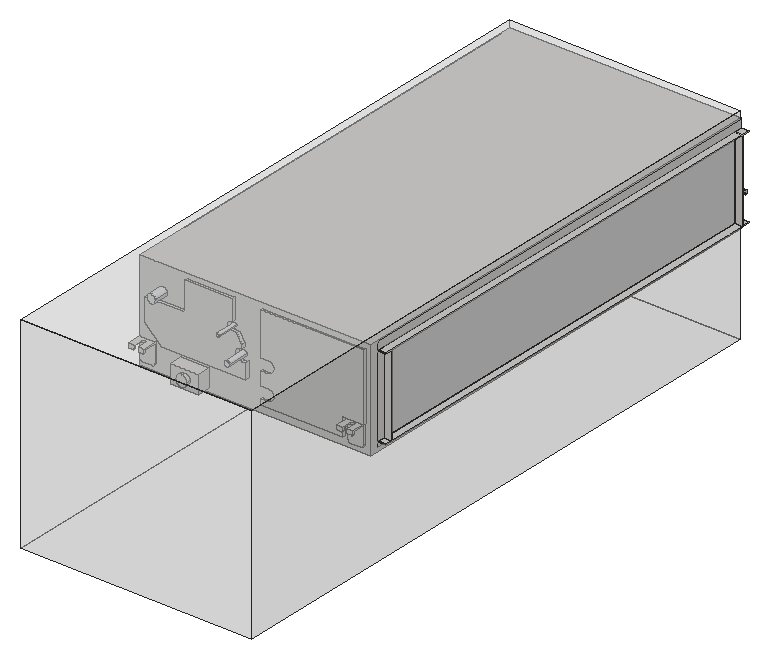
Revit family "outputfile", category 機械設備, Revit 2024
Family settings
  丸型コネクタ寸法 = 半径を使用
  パーツ タイプ = 標準
  OmniClass 番号 = 23.75.10.24.21.27.27
  OmniClass タイトル = Split System Air Conditioning Units
  作業面ベース = いいえ
  常に垂直 = はい
  ロード時にボイドで切り取り = いいえ
  注釈の向きを維持 = いいえ
  共有 = いいえ
  部屋計算ポイント = はい
Parameters (values of type "FXMQ125PAV4")
  Description = ""
  製造元 = "Daikin"
  書き出し IFC クラス(タイプ) = "IfcUnitaryEquipmentType"
  定義済み IFC タイプ(タイプ) = "AIRCONDITIONINGUNIT"
  Cost = 0
  モデル = "FXMQ125PAV4"
  Type Comments = ""
  Keynote = ""
  Type Image = (empty or 0)
  Assembly Code = ""
  r_Liquid Pipe Size = Liquid Pipe Size / 2  # 4.75 mm
  r_Gas Pipe Size = Gas Pipe Size / 2  # 7.95 mm
  r_Drain Pipe Size = Drain Pipe Size / 2  # 12.5 mm
  lw_power = 396.0 mm  # constant formula
  lh_SA = 165.0 mm  # constant formula
  lw_SA = if(Depth = 550.0 mm, 210.0 mm, if(Depth = 700.0 mm, 285.0 mm, if(Depth = 1000.0 mm, 435.0 mm, 635.0 mm)))  # 635.0 mm
  lw_RA = if(Depth = 550.0 mm, 288.0 mm, if(Depth = 700.0 mm, 363.0 mm, if(Depth = 1000.0 mm, 513.0 mm, 713.0 mm)))  # 713.0 mm
  lh_power = 60.0 mm + [h***]  # 60.0 mm
  lh_mountinghole1 = lh_mountinghole + [h***]  # 80.0 mm
  lh_RA = 150.0 mm  # constant formula
  ld_power = Depth / 2  # 700.0 mm
  Voltage_comment_60Hz = "220"
  Voltage_comment_50Hz = "220-240"
  Voltage_60Hz = 220 V
  Voltage_50Hz = 220 V
  URL = ""
  Supply Air Direction [instance] = yes
  Sound Power Level_H speed (dB) = 62
  Phase_60Hz = 1
  Phase_50Hz = 1
  Minimum External Static Pressure = 50.00 Pa
  Minimum Circuit Amps_60Hz = 3.4 A
  Minimum Circuit Amps_50Hz = 3.4 A
  Maximum Fuse Amps_60Hz = 16.0 A
  Maximum Fuse Amps_50Hz = 16.0 A
  Maximum External Static Pressure = 200.00 Pa
  Material_Casing = DAIKIN_GalvanizedSteel_Casing_indoorunit
  lw_mountinghole = 631.0 mm  # constant formula
  lh_gaspipe = 144.0 mm + [h***]  # 144.0 mm
  lh_mountinghole = 80.0 mm  # constant formula
  lh_liquidpipe = 212.0 mm + [h***]  # 212.0 mm
  lh_drainpipe = 232.0 mm + [h***]  # 232.0 mm
  lh_antena = Height - lh_mountinghole + 1.0 mm  # 221.0 mm
  ld_drainpipe = Depth / 2 + 54.0 mm  # 754.0 mm
  ld_liquidpipe = 765.0 mm
  ld_gaspipe = 765.0 mm
  ld_mountinghole = Depth + 38.0 mm  # 1438.0 mm
  h*** = 0.0 mm  # constant formula
  lw_liquidpipe = 290.0 mm  # constant formula
  lw_gaspipe = 318.0 mm  # constant formula
  lw_drainpipe = 80.0 mm  # constant formula
  Width = 700.0 mm
  Version = "ver.1.0"
  Unit Type = "Middle-High Static Pressure Duct Type"
  Unit Mass Weight = 45.00 kg
  Unit Designation [instance] = ""
  Uniclass2015Version = "Products v1.30"
  Uniclass2015Title = "Variable refrigerant flow units"
  Uniclass2015Code = "Pr_70_65_03_94"
  Total Heating Capacity [instance] = 0.000 kW
  Total Cooling Capacity [instance] = 0.000 kW
  Sound Pressure Level_M speed (dBA) = 0
  Sound Pressure Level_L speed (dBA) = 40
  Sound Pressure Level_H speed (dBA) = 44
  Series = "VRV Fan Coil Unit"
  Sensible Cooling Capacity [instance] = 0.000 kW
  SA Duct Size Width = if(Depth = 550.0 mm, 310.0 mm, if(Depth = 700.0 mm, 460.0 mm, if(Depth = 1000.0 mm, 760.0 mm, 1160.0 mm)))  # 1160.0 mm
  SA Duct Size Height = 215.0 mm
  Refrigerant Type = "R410A"
  RA Duct Size Width = if(Depth = 550.0 mm, 475.0 mm, if(Depth = 700.0 mm, 625.0 mm, if(Depth = 1000.0 mm, 925.0 mm, 1325.0 mm)))  # 1325.0 mm
  RA Duct Size Height = 247.0 mm
  Power Input (Heating) = 0.449 kW
  Power Input (Cooling) = 0.461 kW
  Option Accessory 3 [instance] = ""
  Option Accessory 2 [instance] = ""
  Option Accessory 1 [instance] = ""
  Nominal Heating Capacity = 16.000 kW
  Nominal Cooling Capacity = 14.000 kW
  Minimum Airflow = 1680.00 m³/h
  Median Airflow = 1980.00 m³/h
  Maximum Airflow = 2340.00 m³/h
  Load Classification = HVAC
  Liquid Pipe Size = 9.5 mm
  Link_Nested Family [instance] = ""
  IfcVersion = "0"
  IfcExportType = "AIRCONDITIONINGUNIT"
  IfcExportAs = "IfcUnitaryEquipmentType"
  Height = 300.0 mm
  Heating Entering Wet Bulb Temperature [instance] = 0.00 °C
  Heating Entering Dry Bulb Temperature [instance] = 0.00 °C
  Heating Ambient Wet Bulb Temperature [instance] = 0.00 °C
  Heating Ambient Dry Bulb Temperature [instance] = 0.00 °C
  Heat Exchanger Type = "Cross Fin Coil"
  Gas Pipe Size = 15.9 mm
  Frequency_60Hz = 60 Hz
  Frequency_50Hz = 50 Hz
  Fan Type = "Sirocco Fan"
  Fan Drive = "Direct Drive"
  FCU Tag No. [instance] = ""
  Drain Pipe Size = 25.0 mm
  Design Supply Airflow [instance] = 0.00 m³/h
  Design Return Airflow [instance] = 0.00 m³/h
  Design External Static Pressure [instance] = 0.00 Pa
  Depth = 1400.0 mm
  既定の高さ = 0.0 mm
  Cooling Entering Wet Bulb Temperature [instance] = 0.00 °C
  Cooling Entering Dry Bulb Temperature [instance] = 0.00 °C
  Cooling Ambient Wet Bulb Temperature [instance] = 0.00 °C
  Cooling Ambient Dry Bulb Temperature [instance] = 0.00 °C
  Clearance visibility [instance] = yes
  Clearance Top = 20.0 mm
  Clearance Right = 0.0 mm
  Clearance Rear = 0.0 mm
  Clearance Left = 0.0 mm
  Clearance Front = 450.0 mm
  Clearance Bottom = 300.0 mm
Reference planes
  plane 1 "Center (Front/Back)": y = 0
  plane 2 "h": z = 0
  plane 3 "Center (Left/Right)": x = 0
  plane 4 "Back": y = 700
  plane 5 "Front": y = -700
  plane 6 "Left": x = -350
  plane 7 "Reight": x = 350
  plane 8 "Top": z = 0
  plane 9 "Bottom": z = -300
  plane 10: y = -215
  plane 11: y = 700
  plane 12: y = -1150
  plane 13: x = -350
  plane 14: x = 350
  plane 15: z = 20
  plane 16: z = -600
  plane 17: x = -350
  plane 18: z = -135
  plane 19: x = -349
  plane 20: x = 349
  plane 21: y = 65
  plane 22: y = 13
  plane 23: z = -150
  plane 24: y = -710.8
  plane 25: z = -14
  plane 26: z = -219
  plane 27: x = -324
  plane 28: x = -60
  plane 29: x = -20
  plane 30: z = -156
  plane 31: x = -32
  plane 32: z = -88
  plane 33: x = 23
  plane 34: x = 335
  plane 35: z = -15.8
  plane 36: z = -274.8
  plane 37: z = -219.8
  plane 38: x = 271
  plane 39: x = -223.3
  plane 40: x = -138.3
  plane 41: z = -232.7
  plane 42: z = -288.5
  plane 43: y = -741
  plane 44: x = -181
  plane 45: z = -260
  plane 46: y = -751
  plane 47: z = -163.8
  plane 48: z = -239.8
  plane 49: x = 46
  plane 50: z = -88
  plane 51: x = -60
  plane 52: y = -765
  plane 53: z = -156
  plane 54: x = -32
  plane 55: y = -754
  plane 56: z = -68
  plane 57: x = -270
  plane 58: x = -270
  plane 59: x = -60
  plane 60: x = -32
  plane 61: x = 46
  plane 62: x = -323
  plane 63: x = 308
  plane 64: y = -719
  plane 65: y = 719
  plane 66: z = -220
  plane 67: y = -706
  plane 68: x = -204
  plane 69: z = -100.2
  plane 70: x = -374
  plane 71: x = 374
Forms (mm)
  Extrusion 1, solid, material "DAIKIN_GalvanizedSteel_Casing_indoorunit" <- "Material_Casing"
    sketch origin (0, 0, 0) x (1, 0, 0) y (0, 1, 0)
      loop
        line (-349, 700) -> (-349, -700) -> (349, -700) -> (349, 700) -> (-349, 700)
    from -300 to 0
  Extrusion 2, solid, material "DAIKIN_GalvanizedSteel_Casing_indoorunit" <- "Material_Casing"
    sketch origin (0, 0, 0) x (1, 0, 0) y (0, 0, 1)
      loop
        line (-324, -100.2) -> (-324, -168) -> (-273, -219) -> (-20, -219) -> (-20, -173.5) -> (-32, -173.5)
        arc (-32, -173.5) -> (-49.5, -156) -> (-32, -138.5) r 17.5
        line (-32, -138.5) -> (-32, -127.5) -> (-47, -101) -> (-60, -101)
        arc (-60, -101) -> (-73, -88) -> (-60, -75) r 13
        line (-60, -75) -> (-60, -14) -> (-204, -14) -> (-204, -100.2) -> (-324, -100.2)
    from 700 to 710.8
  Extrusion 3, solid, material "DAIKIN_GalvanizedSteel_Casing_indoorunit" <- "Material_Casing"
    sketch origin (0, 0, 0) x (1, 0, 0) y (0, 0, 1)
      loop
        line (23, -274.8) -> (271, -274.8) -> (271, -219.8) -> (335, -219.8) -> (335, -15.8) -> (23, -15.8) -> (23, -146.3) -> (46, -146.3)
        arc (46, -146.3) -> (63.5, -163.8) -> (46, -181.3) r 17.5
        line (46, -181.3) -> (23, -181.3) -> (23, -222.3) -> (46, -222.3)
        arc (46, -222.3) -> (63.5, -239.8) -> (46, -257.3) r 17.5
        line (46, -257.3) -> (23, -257.3) -> (23, -274.8)
    from 700 to 706
  Extrusion 4, solid, material "DAIKIN_GalvanizedSteel_Casing_indoorunit" <- "Material_Casing"
    sketch origin (0, 0, 0) x (1, 0, 0) y (0, 0, 1)
      loop
        line (-223.3, -232.7) -> (-223.3, -288.5) -> (-138.3, -288.5) -> (-138.3, -232.7) -> (-223.3, -232.7)
    from 700 to 741
  Extrusion 5, solid, material "DAIKIN_GalvanizedSteel_Casing_indoorunit" <- "Material_Casing"
    sketch origin (0, 0, 0) x (1, 0, 0) y (0, 0, 1)
      loop
        circle (-181, -260) r 16.5
    from 741 to 751
  Extrusion 6, solid
    sketch origin (0, 0, 0) x (1, 0, 0) y (0, 0, 1)
      loop
        circle (-60, -88) r 4.75
    from 700 to 765
  Extrusion 7, solid
    sketch origin (0, 0, 0) x (1, 0, 0) y (0, 0, 1)
      loop
        circle (-32, -156) r 7.95
    from 700 to 765
  Extrusion 8, solid
    sketch origin (0, 0, 0) x (1, 0, 0) y (0, 0, 1)
      loop
        circle (-270, -68) r 12.5
    from 710.8 to 754
Dimensions and locks
  "Height": plane 8 "Top" to plane 9 "Bottom"
  equal spacing: plane 4 "Back", plane 1 "Center (Front/Back)", plane 5 "Front"
  "Depth": plane 4 "Back" to plane 5 "Front"
  equal spacing: plane 6 "Left", plane 3 "Center (Left/Right)", plane 7 "Reight"
  "Width": plane 6 "Left" to plane 7 "Reight"
  "Clearance Left": plane 13 to plane 6 "Left"
  "Clearance Right": plane 7 "Reight" to plane 14
  "Clearance Rear": plane 11 to plane 4 "Back"
  "Clearance Front": plane 5 "Front" to plane 12
  "Clearance Top": plane 15 to plane 8 "Top"
  "Clearance Bottom": plane 9 "Bottom" to plane 16
  "lh_SA": plane 18 to plane 9 "Bottom"
  locked: plane 17 to plane 19 at 1
  locked: plane 20 to plane 14 at 1
  "lw_SA": plane 11 to plane 21
  "lw_RA": plane 22 to plane 5 "Front"
  "lh_RA": plane 23 to plane 9 "Bottom"
  locked: plane 5 "Front" to plane 24 at 10.8
  plane 29 to plane 28 to plane 27 to plane 6 "Left" = 40.0 mm, 264.0 mm, 26.0 mm
  locked: plane 31 to plane 6 "Left" at 318
  plane 34 to plane 33 to plane 6 "Left" = 312.0 mm locked, 373.0 mm locked
  locked: plane 34 to plane 38 at 64
  locked: plane 37 to plane 36 at 55
  plane 40 to plane 39 to plane 6 "Left" = 85.0 mm locked, 126.7 mm locked
  locked: plane 5 "Front" to plane 43 at 41
  locked: plane 44 to plane 6 "Left" at 169
  locked: plane 43 to plane 46 at 10
  plane 47 to plane 48 to plane 36 = 76.0 mm locked, 35.0 mm locked
  locked: plane 49 to plane 33 at 23
  "lw_liquidpipe": plane 51 to plane 6 "Left"
  "lh_liquidpipe": plane 50 to plane 9 "Bottom"
  "lh_gaspipe": plane 53 to plane 9 "Bottom"
  "lw_gaspipe": plane 54 to plane 6 "Left"
  "ld_gaspipe": plane 52 to plane 1 "Center (Front/Back)"
  "ld_drainpipe": plane 55 to plane 1 "Center (Front/Back)"
  "lh_drainpipe": plane 56 to plane 9 "Bottom"
  "lw_drainpipe": plane 57 to plane 6 "Left"
  "lw_drainpipe": plane 6 "Left" to plane 58
  "lw_liquidpipe": plane 6 "Left" to plane 59
  "lw_gaspipe": plane 6 "Left" to plane 60
  "lw_power": plane 6 "Left" to plane 61
  plane 17 to plane 62 = 27.0 mm
  "lw_mountinghole": plane 62 to plane 63
  equal spacing: plane 64, plane 1 "Center (Front/Back)", plane 65
  "ld_mountinghole": plane 65 to plane 64
  "lh_mountinghole": plane 66 to plane 9 "Bottom"
  plane 8 "Top" to plane 41 to plane 42 = 232.7 mm locked, 55.8 mm locked
  locked: plane 8 "Top" to plane 45 at 260
  plane 8 "Top" to plane 25 to plane 26 = 14.0 mm locked, 205.0 mm locked
  plane 8 "Top" to plane 32 to plane 30 = 88.0 mm locked, 68.0 mm locked
  plane 8 "Top" to plane 35 to plane 36 = 15.8 mm locked, 259.0 mm locked
  locked: plane 5 "Front" to plane 67 at 6
  locked: plane 25 to plane 69 at 86.2
  locked: plane 27 to plane 68 at 120
  locked: plane 70 to plane 6 "Left" at 24
  locked: plane 14 to plane 71 at 24
  "r_Liquid Pipe Size": radius of Extrusion 6 sketch curve
  "r_Gas Pipe Size": radius of Extrusion 7 sketch curve
  "r_Drain Pipe Size": radius of Extrusion 8 sketch curve
  aligned and locked: level to plane 2 "h"
  aligned and locked: plane 8 "Top" to Extrusion 1
  aligned and locked: Extrusion 1 to plane 9 "Bottom"
  aligned and locked: nested 5 to plane 12
  aligned and locked: plane 13 to nested 5
  aligned and locked: plane 14 to nested 5
  aligned and locked: nested 5 to plane 13
  aligned and locked: plane 11 to nested 5
  aligned and locked: plane 15 to nested 5
  aligned and locked: plane 16 to nested 5
  aligned and locked: plane 5 "Front" to Extrusion 1 sketch curve
  aligned and locked: Extrusion 1 to plane 19
  aligned and locked: plane 20 to Extrusion 1
  aligned and locked: nested 7 to plane 19
  aligned and locked: nested 7 to plane 21
  aligned and locked: plane 18 to nested 7
  aligned and locked: plane 20 to nested 8
  aligned and locked: plane 22 to nested 8
  aligned and locked: plane 23 to nested 8
  aligned and locked: Extrusion 2 to plane 24
  aligned and locked: plane 5 "Front" to Extrusion 2
  aligned and locked: plane 36 to Extrusion 3 sketch curve
  aligned and locked: plane 38 to Extrusion 3 sketch curve
  aligned and locked: plane 37 to Extrusion 3 sketch curve
  aligned and locked: Extrusion 3 sketch curve to plane 34
  aligned and locked: Extrusion 3 sketch curve to plane 35
  aligned and locked: Extrusion 3 sketch curve to plane 33
  aligned and locked: plane 5 "Front" to Extrusion 3
  aligned and locked: Extrusion 4 sketch curve to plane 41
  aligned and locked: Extrusion 4 sketch curve to plane 39
  aligned and locked: plane 42 to Extrusion 4 sketch curve
  aligned and locked: plane 40 to Extrusion 4 sketch curve
  aligned and locked: Extrusion 4 to plane 43
  aligned and locked: plane 5 "Front" to Extrusion 4
  aligned and locked: Extrusion 5 sketch curve to plane 44
  aligned and locked: plane 45 to Extrusion 5 sketch curve
  aligned and locked: Extrusion 5 to plane 46
  aligned and locked: plane 43 to Extrusion 5
  aligned and locked: Extrusion 6 sketch curve to plane 51
  aligned and locked: plane 50 to Extrusion 6 sketch curve
  aligned and locked: Extrusion 6 to plane 52
  aligned and locked: plane 5 "Front" to Extrusion 6
  aligned and locked: Extrusion 7 sketch curve to plane 54
  aligned and locked: plane 53 to Extrusion 7 sketch curve
  aligned and locked: Extrusion 7 to Extrusion 6
  aligned and locked: plane 5 "Front" to Extrusion 7
  aligned and locked: Extrusion 8 sketch curve to plane 57
  aligned and locked: plane 56 to Extrusion 8 sketch curve
  aligned and locked: Extrusion 8 to plane 55
  aligned and locked: plane 24 to Extrusion 8
  aligned and locked: nested 3 to plane 55
  aligned and locked: nested 3 to plane 58
  aligned and locked: nested 2 to plane 59
  aligned and locked: nested 2 to plane 52
  aligned and locked: nested 1 to plane 60
  aligned and locked: Extrusion 7 to plane 52
  aligned and locked: nested 1 to plane 52
  aligned and locked: nested 6 to plane 5 "Front"
  aligned and locked: nested 6 to plane 61
  aligned and locked: plane 62 to nested 10
  aligned and locked: nested 10 to plane 5 "Front"
  aligned and locked: plane 63 to nested 9
  aligned and locked: nested 9 to plane 5 "Front"
  aligned and locked: nested 11 to plane 62
  aligned and locked: plane 4 "Back" to nested 11
  aligned and locked: nested 12 to plane 63
  aligned and locked: plane 4 "Back" to nested 12
  aligned and locked: plane 66 to nested 10
  aligned and locked: plane 66 to nested 11
  aligned and locked: plane 66 to nested 9
  aligned and locked: plane 66 to nested 12
  aligned and locked: plane 62 to nested 14
  aligned and locked: nested 14 to plane 65
  aligned and locked: plane 63 to nested 13
  aligned and locked: nested 13 to plane 65
  aligned and locked: plane 63 to nested 16
  aligned and locked: plane 64 to nested 16
  aligned and locked: plane 64 to nested 15
  aligned and locked: plane 62 to nested 15
  aligned and locked: Extrusion 3 to plane 67
  aligned and locked: Extrusion 2 sketch curve to plane 68
  aligned and locked: plane 69 to Extrusion 2 sketch curve
  aligned and locked: nested 17 to plane 21
  aligned and locked: nested 17 to plane 70
  aligned and locked: plane 18 to nested 17
  aligned and locked: plane 22 to nested 18
  aligned and locked: plane 71 to nested 18
  aligned and locked: nested 18 to plane 23
  aligned and locked: nested 4 to plane 3 "Center (Left/Right)"
  aligned and locked: plane 1 "Center (Front/Back)" to nested 4
  aligned and locked: level to plane 8 "Top"
Automatic sketch dimensions
  plane 6 "Left" to Extrusion 1 sketch curve = 1.0 mm
  Extrusion 1 sketch curve to plane 7 "Reight" = 1.0 mm
  Extrusion 1 sketch curve to plane 4 "Back" = 0.0 mm
  Extrusion 3 sketch curve to plane 33 = 0.0 mm  (x2)
  Extrusion 3 sketch curve to plane 47 = 0.0 mm
  Extrusion 3 sketch curve to plane 49 = 0.0 mm  (x4)
  Extrusion 3 sketch curve to plane 48 = 0.0 mm
  Extrusion 3 sketch curve to plane 37 = 2.5 mm
  plane 23 to Extrusion 3 sketch curve = 3.7 mm
  plane 27 to Extrusion 2 sketch curve = 0.0 mm
  Extrusion 2 sketch curve to plane 26 = 0.0 mm
  Extrusion 2 sketch curve to plane 28 = 0.0 mm
  Extrusion 2 sketch curve to plane 31 = 0.0 mm
  Extrusion 2 sketch curve to plane 29 = 0.0 mm
  Extrusion 2 sketch curve to plane 30 = 0.0 mm
  Extrusion 2 sketch curve to plane 32 = 0.0 mm
  Extrusion 2 sketch curve to plane 25 = 0.0 mm
  Extrusion 2 sketch curve to Extrusion 2 sketch curve = 13.0 mm
  Extrusion 2 sketch curve to Extrusion 2 sketch curve = 17.5 mm
  plane 18 to Extrusion 2 sketch curve = 7.5 mm
  Extrusion 2 sketch curve to plane 58 = 3.0 mm
  Extrusion 2 sketch curve to plane 30 = 12.0 mm
  Extrusion 2 sketch curve to Extrusion 2 sketch curve = 0.8 mm
  radius of Extrusion 5 sketch curve = 16.5 mm
Nested families
  nested 1: "daikin_connector_rotate2" at (-32, 0, -156), length <- "ld_gaspipe", built-in parameter 1001364 <- "lh_gaspipe", radius <- "r_Gas Pipe Size", type "daikin_connector_rotate2"
    with radius 7.95 mm, length 765.0 mm, angle_vertical 90.00°
  nested 2: "daikin_connector_rotate2" at (-60, 0, -88), length <- "ld_liquidpipe", built-in parameter 1001364 <- "lh_liquidpipe", radius <- "r_Liquid Pipe Size", type "daikin_connector_rotate2"
    with radius 4.75 mm, length 765.0 mm, angle_vertical 90.00°
  nested 3: "daikin_connector_rotate2" at (-270, 0, -68), length <- "ld_drainpipe", built-in parameter 1001364 <- "lh_drainpipe", radius <- "r_Drain Pipe Size", type "daikin_connector_rotate2"
    with radius 12.5 mm, length 754.0 mm, angle_vertical 90.00°
  nested 4: "daikin_△_symbolicline" at (0, 0, 300) x (0, -1, 0) z (0, 0, 1), built-in parameter 1001364 <- "Height", visible <- "Supply Air Direction", type "daikin_△_symbolicline"
    with length 200.0 mm
  nested 5: "daikin_clearancespace" at (0, -225, -289.881), visible <- "Clearance visibility", show <- "Clearance visibility", Link_Nested Family <- "Link_Nested Family", type "daikin_clearancespace"
    with width 700.0 mm, show yes, height 620.0 mm, depth 1850.0 mm, Link_Nested Family ""
  nested 6: "daikin_connector_rotate2" at (46, 0, -240), built-in parameter 1001364 <- "lh_power", length <- "ld_power", type "daikin_connector_rotate2"
    with radius 10.0 mm, length 700.0 mm, angle_vertical 90.00°
  nested 7: "daikin_ductflange_FXMQ-PAV4_2" at (-349, 65, -135) x (0, -1, 0) z (0, 0, 1), type "daikin_ductflange_FXMQ-PAV4_2"
    with width 1160.0 mm, w 1400.0 mm
  nested 8: "daikin_ductflange_FXMQ-PAV4_1" at (349, 13, -150) x (0, 1, 0) z (0, 0, 1), type "daikin_ductflange_FXMQ-PAV4_1"
    with width 1325.0 mm, w 1400.0 mm
  nested 9: "daikin_hangerfixture_FXMQ-PAV4" at (308, -700, -220), type "daikin_hangerfixture_FXMQ-PAV4"
  nested 10: "daikin_hangerfixture_FXMQ-PAV4" at (-323, -700, -220), type "daikin_hangerfixture_FXMQ-PAV4"
  nested 11: "daikin_hangerfixture_FXMQ-PAV4" at (-323, 700, -220) x (-1, 0, 0) z (0, 0, 1), type "daikin_hangerfixture_FXMQ-PAV4"
  nested 12: "daikin_hangerfixture_FXMQ-PAV4" at (308, 700, -220) x (-1, 0, 0) z (0, 0, 1), type "daikin_hangerfixture_FXMQ-PAV4"
  nested 13: "daikin_mountinghole" at (308, 719, -300), h_mountinghole <- "lh_mountinghole1", l_antenna <- "lh_antena", Link_Nested Family <- "Link_Nested Family", type "daikin_mountinghole"
    with show yes, l_antenna 221.0 mm, h_mountinghole 80.0 mm, Link_Nested Family ""
  nested 14: "daikin_mountinghole" at (-323, 719, -300), h_mountinghole <- "lh_mountinghole1", l_antenna <- "lh_antena", Link_Nested Family <- "Link_Nested Family", type "daikin_mountinghole"
    with show yes, l_antenna 221.0 mm, h_mountinghole 80.0 mm, Link_Nested Family ""
  nested 15: "daikin_mountinghole" at (-323, -719, -300), h_mountinghole <- "lh_mountinghole1", l_antenna <- "lh_antena", Link_Nested Family <- "Link_Nested Family", type "daikin_mountinghole"
    with show yes, l_antenna 221.0 mm, h_mountinghole 80.0 mm, Link_Nested Family ""
  nested 16: "daikin_mountinghole" at (308, -719, -300), h_mountinghole <- "lh_mountinghole1", l_antenna <- "lh_antena", Link_Nested Family <- "Link_Nested Family", type "daikin_mountinghole"
    with show yes, l_antenna 221.0 mm, h_mountinghole 80.0 mm, Link_Nested Family ""
  nested 17: "daikin_connector_rotate2" at (-350, 65, -135) x (0, -1, 0) z (0, 0, 1), type "daikin_connector_rotate2"
    with radius 10.0 mm, length 24.0 mm, angle_vertical 90.00°
  nested 18: "daikin_connector_rotate2" at (350, 13, -150) x (0, 1, 0) z (0, 0, 1), type "daikin_connector_rotate2"
    with radius 10.0 mm, length 24.0 mm, angle_vertical 90.00°
Connectors
  piping at (-270, -754, -68), diameter 25, driven by "r_Drain Pipe Size"
    settings: on nested 3, index 3, connector inside diameter 609.6 mm, connector length 0.0 mm, flow factor 0, pipe flow 0.00 m³/h, pressure drop 0.0 Pa, fitting loss kfactor 0, connector angle 0.00°, fixture units 0, engagement length 0.0 mm, angle of deflection 0.00°, flow configuration 1, flow direction 2, fitting loss method 4, system type 16, joint type 0, gender type 0, connector reference index -1, connector utility 0, adjustable connector no, is connector primary yes, connector description "Condensate Drain Piping"
  piping at (-32, -765, -156), diameter 15.9, driven by "r_Gas Pipe Size"
    settings: on nested 1, index 4, connector inside diameter 609.6 mm, connector length 0.0 mm, flow factor 0, pipe flow 0.00 m³/h, pressure drop 0.0 Pa, fitting loss kfactor 0, connector angle 0.00°, fixture units 0, engagement length 0.0 mm, angle of deflection 0.00°, flow configuration 1, flow direction 2, fitting loss method 0, system type 29, joint type 0, gender type 0, connector reference index -1, connector utility 0, adjustable connector no, is connector primary no, connector description "Refrigerant Gas Piping"
  piping at (-60, -765, -88), diameter 9.5, driven by "r_Liquid Pipe Size"
    settings: on nested 2, index 5, connector inside diameter 609.6 mm, connector length 0.0 mm, flow factor 0, pipe flow 0.00 m³/h, pressure drop 0.0 Pa, fitting loss kfactor 0, connector angle 0.00°, fixture units 0, engagement length 0.0 mm, angle of deflection 0.00°, flow configuration 1, flow direction 1, fitting loss method 0, system type 29, joint type 0, gender type 0, connector reference index -1, connector utility 0, adjustable connector no, is connector primary no, connector description "Refrigerant Liquid Piping"
  electrical at (46, -700, -240), driven by "Load Classification"
    settings: on nested 6, index 6, voltage 0 V, apparent load 0 VA, apparent load phase1 0 VA, apparent load phase2 0 VA, apparent load phase3 0 VA, power factor 1, load classification "HVAC", number of poles 1, system type 30, power factor state 1, is connector primary yes, connector utility no, sub classification motor no, connector description "Power Supply"
  hvac at (-374, 65, -135), driven by "SA Duct Size Height", driven by "SA Duct Size Width"
    settings: on nested 17, index 7, duct flow 0.00 m³/h, flow factor 0, pres drop 0.00 Pa, loss coef 0, conn angle 0.00°, conn width 1160.0 mm, conn height 215.0 mm, conn diameter 609.6 mm, duct sys type 1, conn prof type 1, flow config 0, flow direction 2, loss method 4, conn ref index -1, conn util no, is conn primary yes, conn desc "SA Duct"
  hvac at (374, 13, -150), driven by "RA Duct Size Height", driven by "RA Duct Size Width"
    settings: on nested 18, index 8, duct flow 0.00 m³/h, flow factor 0, pres drop 0.00 Pa, loss coef 0, conn angle 0.00°, conn width 1325.0 mm, conn height 247.0 mm, conn diameter 609.6 mm, duct sys type 2, conn prof type 1, flow config 0, flow direction 1, loss method 4, conn ref index -1, conn util no, is conn primary no, conn desc "RA Duct"
Definition of nested family "daikin_clearancespace"
  Parameters (values of type "daikin_clearancespace")
    width [instance] = 1823.963 mm
    show [instance] = yes
    material = none
    height [instance] = 1359.762 mm
    depth [instance] = 880.0 mm
    Default Elevation = 0.0 mm
    Link_Nested Family [instance] = ""
  Reference planes
    plane 1 "Center (Front/Back)": y = 0
    plane 2 "Center (Elevation)": z = -0.119
    plane 3 "Center (Left/Right)": x = 0
    plane 4: y = 440
    plane 5: y = -440
    plane 6 "Right": x = 911.982
    plane 7 "Left": x = -911.982
    plane 8 "Top": z = 679.762
    plane 9 "Bottom": z = -680
  Forms (mm)
    Extrusion 1, solid, material <- "material", visible <- "show"
      sketch origin (0, 0, 0) x (1, 0, 0) y (0, 1, 0)
        loop
          line (-911.982, 440) -> (-911.982, -440) -> (911.982, -440) -> (911.982, 440) -> (-911.982, 440)
      from -680 to 679.762
  Lines and regions (mm)
    symbolic lines, visible <- "show"
      curve 1: line (911.982, 440, 0) -> (-911.982, 440, 0)
      curve 2: line (-911.982, 440, 0) -> (-911.982, -440, 0)
      curve 3: line (-911.982, -440, 0) -> (911.982, -440, 0)
      curve 4: line (911.982, -440, 0) -> (911.982, 440, 0)
      curve 5: line (911.982, 0, 679.762) -> (-911.982, 0, 679.762)
      curve 6: line (911.982, 0, -680) -> (911.982, 0, 679.762)
      curve 7: line (-911.982, 0, -680) -> (911.982, 0, -680)
      curve 8: line (-911.982, 0, 679.762) -> (-911.982, 0, -680)
      curve 9: line (0, 440, 679.762) -> (0, -440, 679.762)
      curve 10: line (0, -440, 679.762) -> (0, -440, -680)
      curve 11: line (0, 440, -680) -> (0, 440, 679.762)
      curve 12: line (0, -440, -680) -> (0, 440, -680)
  Dimensions and locks
    "width": plane 7 "Left" to plane 6 "Right"
    "depth": plane 4 to plane 5
    "height": plane 8 "Top" to plane 9 "Bottom"
    equal spacing: plane 7 "Left", plane 3 "Center (Left/Right)", plane 6 "Right"
    equal spacing: plane 4, plane 1 "Center (Front/Back)", plane 5
    equal spacing: plane 8 "Top", plane 2 "Center (Elevation)", plane 9 "Bottom"
    aligned and locked: level to plane 2 "Center (Elevation)"
    aligned and locked: Extrusion 1 sketch curve to plane 4
    aligned and locked: plane 7 "Left" to Extrusion 1 sketch curve
    aligned and locked: Extrusion 1 sketch curve to plane 5
    aligned and locked: Extrusion 1 sketch curve to plane 6 "Right"
    aligned and locked: plane 8 "Top" to Extrusion 1
    aligned and locked: curve 1 to Extrusion 1
    aligned and locked: curve 2 to Extrusion 1
    aligned and locked: curve 3 to Extrusion 1
    aligned and locked: curve 4 to Extrusion 1
    aligned and locked: curve 5 to Extrusion 1
    aligned and locked: curve 6 to Extrusion 1
    aligned and locked: curve 7 to Extrusion 1
    aligned and locked: curve 8 to Extrusion 1
    aligned and locked: curve 9 to Extrusion 1
    aligned and locked: curve 10 to Extrusion 1
    aligned and locked: curve 11 to Extrusion 1
    aligned and locked: curve 12 to Extrusion 1
    aligned and locked: Extrusion 1 to plane 9 "Bottom"
Definition of nested family "daikin_ductflange_FXMQ-PAV4_2"
  Parameters (values of type "daikin_ductflange_FXDSQ-AVM2")
    width = if(w = 550.0 mm, 310.0 mm, if(w = 700.0 mm, 460.0 mm, if(w = 1000.0 mm, 760.0 mm, 1160.0 mm)))  # 310.0 mm
    material = none
    height = 215.0 mm
    depth = 1.0 mm
    w = 550.0 mm
    Default Elevation = 0.0 mm
  Reference planes
    plane 1 "Center (Front/Back)": y = 0
    plane 2: z = 0
    plane 3 "Center (Left/Right)": x = 0
    plane 4: z = 107.5
    plane 5: z = -107.5
    plane 6: y = -25
    plane 7: z = 132.5
    plane 8: z = 108.5
    plane 9: y = -1
    plane 10: x = -177.5
    plane 11: x = 177.5
    plane 12: z = -132.5
    plane 13: z = -108.5
    plane 14: y = -1
    plane 15: x = 155
    plane 16: x = -155
    plane 17: x = 156
    plane 18: z = 106.5
    plane 19: z = -106.5
    plane 20: x = -156
    plane 21: z = 106.5
    plane 22: z = -106.5
    plane 23: y = -1
  Forms (mm)
    Extrusion 1, solid, material <- "material"
      sketch origin (0, 0, 0) x (0, 1, 0) y (0, 0, 1)
        loop
          line (-25, 107.5) -> (0, 107.5) -> (0, 132.5) -> (-1, 132.5) -> (-1, 108.5) -> (-25, 108.5) -> (-25, 107.5)
      from -177.5 to 177.5
    Extrusion 2, solid, material <- "material"
      sketch origin (0, 0, 0) x (0, 1, 0) y (0, 0, 1)
        loop
          line (-25, -107.5) -> (-25, -108.5) -> (-1, -108.5) -> (-1, -132.5) -> (0, -132.5) -> (0, -107.5) -> (-25, -107.5)
      from -177.5 to 177.5
    Extrusion 3, solid, material <- "material"
      sketch origin (0, 0, 0) x (1, 0, 0) y (0, 0, 1)
        loop
          line (155, 107.5) -> (155, -107.5) -> (177.5, -107.5) -> (177.5, -106.5) -> (156, -106.5) -> (156, 106.5) -> (177.5, 106.5) -> (177.5, 107.5) -> (155, 107.5)
      from 0 to 25
    Extrusion 4, solid, material <- "material"
      sketch origin (0, 0, 0) x (1, 0, 0) y (0, 0, 1)
        loop
          line (-177.5, 107.5) -> (-177.5, 106.5) -> (-156, 106.5) -> (-156, -106.5) -> (-177.5, -106.5) -> (-177.5, -107.5) -> (-155, -107.5) -> (-155, 107.5) -> (-177.5, 107.5)
      from 0 to 25
    Extrusion 5, solid, material <- "material"
      sketch origin (0, 0, 0) x (1, 0, 0) y (0, 0, 1)
        loop
          line (-177.5, 107.5) -> (-177.5, -107.5) -> (-155, -107.5) -> (-155, 107.5) -> (-177.5, 107.5)
        loop
          line (177.5, 107.5) -> (155, 107.5) -> (155, -107.5) -> (177.5, -107.5) -> (177.5, 107.5)
      from 0 to 1
  Cuts and joins
    joined: Extrusion 1, Extrusion 2, Extrusion 3, Extrusion 4, Extrusion 5
  Dimensions and locks
    plane 4 to level to plane 5 = 107.5 mm locked, 107.5 mm locked
    locked: plane 6 to plane 1 "Center (Front/Back)" at 25
    locked: plane 9 to plane 1 "Center (Front/Back)" at 1
    locked: plane 8 to plane 4 at 1
    locked: plane 11 to plane 15 at 22.5
    locked: plane 16 to plane 10 at 22.5
    locked: plane 17 to plane 15 at 1
    locked: plane 4 to plane 18 at 1
    locked: plane 19 to plane 5 at 1
    "width": plane 15 to plane 16
    plane 4 to plane 5 = 215.0 mm
    equal spacing: plane 15, plane 3 "Center (Left/Right)", plane 16
    locked: plane 16 to plane 20 at 1
    locked: plane 4 to plane 21 at 1
    locked: plane 22 to plane 5 at 1
    locked: plane 23 to plane 1 "Center (Front/Back)" at 1
    aligned and locked: level to plane 2
    aligned and locked: Extrusion 1 to plane 10
    aligned and locked: plane 11 to Extrusion 1
    aligned and locked: plane 5 to Extrusion 2
    aligned and locked: Extrusion 2 to plane 1 "Center (Front/Back)"
    aligned and locked: plane 15 to Extrusion 3 sketch curve
    aligned and locked: Extrusion 3 sketch curve to Extrusion 2  (x2)
    aligned and locked: Extrusion 3 sketch curve to plane 11
    aligned and locked: plane 6 to Extrusion 3
    aligned and locked: Extrusion 2 to plane 10
    aligned and locked: plane 11 to Extrusion 2
    aligned and locked: Extrusion 4 sketch curve to Extrusion 1  (x2)
    aligned and locked: plane 5 to Extrusion 4 sketch curve
    aligned and locked: Extrusion 4 sketch curve to plane 16
    aligned and locked: Extrusion 4 sketch curve to plane 22
    aligned and locked: plane 20 to Extrusion 4 sketch curve
    aligned and locked: plane 21 to Extrusion 4 sketch curve
    aligned and locked: Extrusion 4 to plane 1 "Center (Front/Back)"
    aligned and locked: plane 6 to Extrusion 4
    aligned and locked: Extrusion 5 sketch curve to Extrusion 1  (x4)
    aligned and locked: Extrusion 5 sketch curve to Extrusion 4  (x2)
    aligned and locked: Extrusion 5 sketch curve to Extrusion 3  (x2)
    aligned and locked: Extrusion 5 to plane 1 "Center (Front/Back)"
    aligned and locked: plane 23 to Extrusion 5
  Automatic sketch dimensions
    Extrusion 1 sketch curve to plane 6 = 0.0 mm
    Extrusion 1 sketch curve to plane 7 = 0.0 mm
    Extrusion 1 sketch curve to plane 9 = 0.0 mm
    Extrusion 1 sketch curve to plane 1 "Center (Front/Back)" = 0.0 mm
    Extrusion 1 sketch curve to plane 4 = 0.0 mm
    Extrusion 1 sketch curve to plane 8 = 0.0 mm
    Extrusion 2 sketch curve to plane 6 = 0.0 mm
    plane 12 to Extrusion 2 sketch curve = 0.0 mm
    Extrusion 2 sketch curve to plane 14 = 0.0 mm
    Extrusion 2 sketch curve to plane 1 "Center (Front/Back)" = 0.0 mm
    plane 13 to Extrusion 2 sketch curve = 0.0 mm
    Extrusion 2 sketch curve to plane 5 = 0.0 mm
    Extrusion 3 sketch curve to plane 17 = 0.0 mm
    Extrusion 3 sketch curve to plane 19 = 0.0 mm
    Extrusion 3 sketch curve to plane 18 = 0.0 mm
    Extrusion 3 sketch curve to plane 4 = 0.0 mm
    Extrusion 4 sketch curve to plane 10 = 0.0 mm
Definition of nested family "daikin_ductflange_FXMQ-PAV4_1"
  Parameters (values of type "daikin_ductflange_FXDSQ-AVM")
    width = if(w = 550.0 mm, 475.0 mm, if(w = 700.0 mm, 625.0 mm, if(w = 1000.0 mm, 925.0 mm, 1325.0 mm)))  # 475.0 mm
    material = none
    height = 247.0 mm
    depth = 1.0 mm
    w = 550.0 mm
    Default Elevation = 0.0 mm
  Reference planes
    plane 1 "Center (Front/Back)": y = 0
    plane 2: z = 0
    plane 3 "Center (Left/Right)": x = 0
    plane 4: z = 123.5
    plane 5: z = -123.5
    plane 6: y = -25
    plane 7: z = 146.5
    plane 8: z = 124.5
    plane 9: y = -1
    plane 10: x = -260
    plane 11: x = 260
    plane 12: z = -137
    plane 13: z = -124.5
    plane 14: y = -1
    plane 15: x = 237.5
    plane 16: x = -237.5
    plane 17: x = 238.5
    plane 18: z = 122.5
    plane 19: z = -122.5
    plane 20: x = -238.5
    plane 21: z = 122.5
    plane 22: z = -122.5
    plane 23: y = -1
  Forms (mm)
    Extrusion 1, solid, material <- "material"
      sketch origin (0, 0, 0) x (0, 1, 0) y (0, 0, 1)
        loop
          line (-25, 123.5) -> (0, 123.5) -> (0, 146.5) -> (-1, 146.5) -> (-1, 124.5) -> (-25, 124.5) -> (-25, 123.5)
      from -260 to 260
    Extrusion 2, solid, material <- "material"
      sketch origin (0, 0, 0) x (0, 1, 0) y (0, 0, 1)
        loop
          line (-25, -123.5) -> (-25, -124.5) -> (-1, -124.5) -> (-1, -137) -> (0, -137) -> (0, -123.5) -> (-25, -123.5)
      from -260 to 260
    Extrusion 3, solid, material <- "material"
      sketch origin (0, 0, 0) x (1, 0, 0) y (0, 0, 1)
        loop
          line (237.5, 123.5) -> (237.5, -123.5) -> (260, -123.5) -> (260, -122.5) -> (238.5, -122.5) -> (238.5, 122.5) -> (260, 122.5) -> (260, 123.5) -> (237.5, 123.5)
      from 0 to 25
    Extrusion 4, solid, material <- "material"
      sketch origin (0, 0, 0) x (1, 0, 0) y (0, 0, 1)
        loop
          line (-260, 123.5) -> (-260, 122.5) -> (-238.5, 122.5) -> (-238.5, -122.5) -> (-260, -122.5) -> (-260, -123.5) -> (-237.5, -123.5) -> (-237.5, 123.5) -> (-260, 123.5)
      from 0 to 25
    Extrusion 5, solid, material <- "material"
      sketch origin (0, 0, 0) x (1, 0, 0) y (0, 0, 1)
        loop
          line (-260, 123.5) -> (-260, -123.5) -> (-237.5, -123.5) -> (-237.5, 123.5) -> (-260, 123.5)
        loop
          line (260, 123.5) -> (237.5, 123.5) -> (237.5, -123.5) -> (260, -123.5) -> (260, 123.5)
      from 0 to 1
  Cuts and joins
    joined: Extrusion 1, Extrusion 2, Extrusion 3, Extrusion 4, Extrusion 5
  Dimensions and locks
    plane 4 to level to plane 5 = 123.5 mm, 123.5 mm
    locked: plane 6 to plane 1 "Center (Front/Back)" at 25
    locked: plane 9 to plane 1 "Center (Front/Back)" at 1
    locked: plane 8 to plane 4 at 1
    locked: plane 11 to plane 15 at 22.5
    locked: plane 16 to plane 10 at 22.5
    locked: plane 17 to plane 15 at 1
    locked: plane 4 to plane 18 at 1
    locked: plane 19 to plane 5 at 1
    "width": plane 15 to plane 16
    equal spacing: plane 15, plane 3 "Center (Left/Right)", plane 16
    locked: plane 16 to plane 20 at 1
    locked: plane 4 to plane 21 at 1
    locked: plane 22 to plane 5 at 1
    locked: plane 23 to plane 1 "Center (Front/Back)" at 1
    equal spacing: plane 4, level, plane 5
    locked: plane 7 to plane 4 at 23
    locked: plane 5 to plane 12 at 13.5
    locked: plane 1 "Center (Front/Back)" to plane 14 at 1
    locked: plane 5 to plane 13 at 1
    locked: plane 4 to plane 5 at 247
    aligned and locked: level to plane 2
    aligned and locked: Extrusion 1 to plane 10
    aligned and locked: plane 11 to Extrusion 1
    aligned and locked: plane 5 to Extrusion 2
    aligned and locked: Extrusion 2 to plane 1 "Center (Front/Back)"
    aligned and locked: plane 15 to Extrusion 3 sketch curve
    aligned and locked: Extrusion 3 sketch curve to Extrusion 2  (x2)
    aligned and locked: Extrusion 3 sketch curve to plane 11
    aligned and locked: plane 6 to Extrusion 3
    aligned and locked: Extrusion 2 to plane 10
    aligned and locked: plane 11 to Extrusion 2
    aligned and locked: Extrusion 4 sketch curve to Extrusion 1  (x2)
    aligned and locked: plane 5 to Extrusion 4 sketch curve
    aligned and locked: Extrusion 4 sketch curve to plane 16
    aligned and locked: Extrusion 4 sketch curve to plane 22
    aligned and locked: plane 20 to Extrusion 4 sketch curve
    aligned and locked: plane 21 to Extrusion 4 sketch curve
    aligned and locked: Extrusion 4 to plane 1 "Center (Front/Back)"
    aligned and locked: plane 6 to Extrusion 4
    aligned and locked: Extrusion 5 sketch curve to Extrusion 1  (x4)
    aligned and locked: Extrusion 5 sketch curve to Extrusion 4  (x2)
    aligned and locked: Extrusion 5 sketch curve to Extrusion 3  (x2)
    aligned and locked: Extrusion 5 to plane 1 "Center (Front/Back)"
    aligned and locked: plane 23 to Extrusion 5
  Automatic sketch dimensions
    Extrusion 1 sketch curve to plane 6 = 0.0 mm
    Extrusion 1 sketch curve to plane 7 = 0.0 mm
    Extrusion 1 sketch curve to plane 9 = 0.0 mm
    Extrusion 1 sketch curve to plane 1 "Center (Front/Back)" = 0.0 mm
    Extrusion 1 sketch curve to plane 4 = 0.0 mm
    Extrusion 1 sketch curve to plane 8 = 0.0 mm
    Extrusion 2 sketch curve to plane 6 = 0.0 mm
    plane 12 to Extrusion 2 sketch curve = 0.0 mm
    Extrusion 2 sketch curve to plane 14 = 0.0 mm
    Extrusion 2 sketch curve to plane 1 "Center (Front/Back)" = 0.0 mm
    plane 13 to Extrusion 2 sketch curve = 0.0 mm
    Extrusion 2 sketch curve to plane 5 = 0.0 mm
    Extrusion 3 sketch curve to plane 17 = 0.0 mm
    Extrusion 3 sketch curve to plane 19 = 0.0 mm
    Extrusion 3 sketch curve to plane 18 = 0.0 mm
    Extrusion 3 sketch curve to plane 4 = 0.0 mm
    Extrusion 4 sketch curve to plane 10 = 0.0 mm
Definition of nested family "daikin_hangerfixture_FXMQ-PAV4"
  Parameters (values of type "daikin_hangerfixture_FXMQ-PAVE")
    width = 48.0 mm
    material = none
    height = 65.0 mm
    depth = 45.0 mm
    Default Elevation = 0.0 mm
  Reference planes
    plane 1 "Center (Front/Back)": y = 0
    plane 2: z = 0
    plane 3 "Center (Left/Right)": x = 0
    plane 4: y = 417.146
    plane 5: y = -45
    plane 6: x = -24
    plane 7: x = 24
    plane 8: z = -2.3
    plane 9: z = -65
    plane 10: y = -2.3
    plane 11: z = -12
    plane 12: y = -42.7
  Forms (mm)
    Extrusion 1, solid, material <- "material"
      sketch origin (0, 0, 0) x (1, 0, 0) y (0, 1, 0)
        loop
          line (24, 0) -> (-24, 0) -> (-24, -45) -> (-6, -45) -> (-6, -19)
          arc (-6, -19) -> (0, -13) -> (6, -19) r 6
          line (6, -19) -> (6, -45) -> (24, -45) -> (24, 0)
      from 0 to -2.3
    Extrusion 2, solid, material <- "material"
      sketch origin (0, 0, 0) x (1, 0, 0) y (0, 0, 1)
        loop
          line (24, -55) -> (24, 0) -> (-24, 0) -> (-24, -55)
          arc (-24, -55) -> (-21.071, -62.071) -> (-14, -65) r 10
          line (-14, -65) -> (14, -65)
          arc (14, -65) -> (21.071, -62.071) -> (24, -55) r 10
      from 0 to 2.3
    Extrusion 3, solid, material <- "material"
      sketch origin (0, 0, 0) x (1, 0, 0) y (0, 0, 1)
        loop
          line (-6, -9) -> (-6, 0) -> (-24, 0) -> (-24, -9)
          arc (-24, -9) -> (-23.121, -11.121) -> (-21, -12) r 3
          line (-21, -12) -> (-9, -12)
          arc (-9, -12) -> (-6.879, -11.121) -> (-6, -9) r 3
        loop
          line (6, 0) -> (6, -9)
          arc (6, -9) -> (6.879, -11.121) -> (9, -12) r 3
          line (9, -12) -> (21, -12)
          arc (21, -12) -> (23.121, -11.121) -> (24, -9) r 3
          line (24, -9) -> (24, 0) -> (6, 0)
      from 42.7 to 45
  Cuts and joins
    joined: Extrusion 1, Extrusion 2, Extrusion 3
  Dimensions and locks
    "width": plane 6 to plane 7
    "depth": plane 5 to plane 1 "Center (Front/Back)"
    plane 2 to plane 8 = 2.3 mm
    "height": plane 2 to plane 9
    locked: plane 10 to plane 1 "Center (Front/Back)" at 2.3
    locked: plane 2 to plane 11 at 12
    locked: plane 12 to plane 5 at 2.3
    aligned and locked: level to plane 2
    aligned and locked: Extrusion 1 sketch curve to plane 1 "Center (Front/Back)"
    aligned and locked: plane 7 to Extrusion 1
    aligned and locked: Extrusion 1 to plane 6
    aligned and locked: Extrusion 1 to plane 5  (x2)
    aligned and locked: Extrusion 1 to plane 8
    aligned and locked: plane 2 to Extrusion 1
    aligned and locked: plane 2 to Extrusion 2 sketch curve
    aligned and locked: Extrusion 2 to plane 9
    aligned and locked: Extrusion 2 to plane 10
    aligned and locked: Extrusion 2 to plane 1 "Center (Front/Back)"
    aligned and locked: plane 2 to Extrusion 3 sketch curve  (x2)
    aligned and locked: Extrusion 3 to plane 11  (x2)
    aligned and locked: plane 12 to Extrusion 3
    aligned and locked: Extrusion 3 to plane 5
  Automatic sketch dimensions
    Extrusion 1 sketch curve to plane 6 = 0.0 mm
    Extrusion 1 sketch curve to plane 5 = 0.0 mm  (x2)
    Extrusion 1 sketch curve to plane 3 "Center (Left/Right)" = 0.0 mm
    Extrusion 1 sketch curve to plane 7 = 0.0 mm
    Extrusion 1 sketch curve to plane 3 "Center (Left/Right)" = 6.0 mm
    plane 1 "Center (Front/Back)" to Extrusion 1 sketch curve = 19.0 mm
    Extrusion 2 sketch curve to plane 7 = 0.0 mm
    Extrusion 2 sketch curve to plane 7 = 10.0 mm
    Extrusion 2 sketch curve to plane 8 = 52.7 mm
    plane 6 to Extrusion 2 sketch curve = 10.0 mm
    Extrusion 2 sketch curve to plane 6 = 0.0 mm
    Extrusion 3 sketch curve to plane 6 = 0.0 mm
    Extrusion 3 sketch curve to plane 7 = 0.0 mm
    Extrusion 3 sketch curve to Extrusion 3 sketch curve = 3.0 mm  (x2)
    Extrusion 3 sketch curve to plane 8 = 6.7 mm
    Extrusion 3 sketch curve to plane 3 "Center (Left/Right)" = 9.0 mm
    Extrusion 3 sketch curve to plane 3 "Center (Left/Right)" = 6.0 mm
    plane 3 "Center (Left/Right)" to Extrusion 3 sketch curve = 6.0 mm
    Extrusion 3 sketch curve to plane 7 = 3.0 mm
    Extrusion 3 sketch curve to plane 8 = 9.7 mm
Definition of nested family "daikin_connector_rotate2"
  Parameters (values of type "daikin_connector_rotate2")
    Default Elevation = 1219.2 mm
    show_face = no
    radius [instance] = 10.0 mm
    length [instance] = 600.0 mm
    d_surface = 10.0 mm
    angle_vertical [instance] = 90.00°
  Reference planes
    plane 1 "Center (Front/Back)": y = 0
    plane 2: z = 0
    plane 3 "Center (Left/Right)": x = 0
  Forms (mm)
    Extrusion 1, solid, visible <- "show_face"
      sketch origin (0, -600, 0) x (1, 0, 0) y (0, 0, 1)
        loop
          circle (0, 0) r 10
      from 0 to -10
  Lines and regions (mm)
    reference lines
      curve 1: line (0, 0, 0) -> (0, -600, 0)
    symbolic lines
      curve 2: circle (0, 0, 0) r 5 normal (0, 0, 1)
    model lines, visible <- "show_face"
      curve 3: line (0, 0, 0) -> (0, -600, 0)
  Dimensions and locks
    "length": curve 1 to curve 1
    "length": curve 3 to curve 3
    "d_surface": Extrusion 1 to Extrusion 1
    "radius": radius of Extrusion 1 sketch curve
    "angle_vertical": angle curve 1 to plane 1 "Center (Front/Back)"
    "angle_vertical": angle curve 3 to plane 1 "Center (Front/Back)"
    aligned and locked: level to plane 2
    aligned and locked: plane 1 "Center (Front/Back)" to curve 1
    aligned and locked: plane 2 to curve 1
    aligned and locked: plane 1 "Center (Front/Back)" to curve 2
    aligned and locked: plane 3 "Center (Left/Right)" to curve 2
    aligned and locked: plane 1 "Center (Front/Back)" to curve 3
    aligned and locked: plane 2 to curve 3
    aligned and locked: Extrusion 1 to Extrusion 1
  Automatic sketch dimensions
    Extrusion 1 sketch curve to level = 0.0 mm
    Extrusion 1 sketch curve to plane 3 "Center (Left/Right)" = 0.0 mm
    radius of curve 2 = 5.0 mm
Definition of nested family "daikin_△_symbolicline"
  Parameters (values of type "daikin_△_symbolicline")
    length [instance] = 200.0 mm
    Default Elevation = 0.0 mm
  Reference planes
    plane 1 "Center (Front/Back)": y = 0
    plane 2: z = 0
    plane 3 "Center (Left/Right)": x = 0
  Lines and regions (mm)
    symbolic lines
      curve 1: line (0, -173.205, 0) -> (100, 0, 0)
      curve 2: line (100, 0, 0) -> (-100, 0, 0)
      curve 3: line (-100, 0, 0) -> (0, -173.205, 0)
  Dimensions and locks
    equal spacing: curve 3, plane 3 "Center (Left/Right)", curve 2
    "length": curve 3 to curve 2
    "length": curve 3 to curve 3
    "length": curve 1 to curve 1
    aligned and locked: level to plane 2
    aligned and locked: curve 2 to plane 1 "Center (Front/Back)"
    aligned and locked: plane 3 "Center (Left/Right)" to curve 3
Definition of nested family "daikin_mountinghole"
  Parameters (values of type "daikin_mountinghole")
    Default Elevation = 1219.2 mm
    Type Comments = "mountinghole"
    show [instance] = yes
    material = none
    l_centerline = 100.0 mm
    l_antenna [instance] = 100.0 mm
    h_mountinghole [instance] = 0.0 mm
    d_circle = 30.0 mm
    Link_Nested Family [instance] = ""
  Reference planes
    plane 1 "Center (Front/Back)": y = 0
    plane 2: z = 0
    plane 3 "Center (Left/Right)": x = 0
    plane 4: y = 50
    plane 5: x = -50
    plane 6: x = 50
    plane 7: y = -50
    plane 8 "h_mountinghole": z = 0
    plane 9: z = 100
  Lines and regions (mm)
    model lines, detail levels fine
      curve 1: circle (0, 0, 0) r 15 normal (0, 0, 1)
      curve 2: line (-50, 0, 0) -> (50, 0, 0)
      curve 3: line (0, 50, 0) -> (0, -50, 0)
    symbolic lines, detail levels fine
      curve 4: circle (0, 0, 0) r 15 normal (0, 0, 1)
      curve 5: line (-50, 0, 0) -> (50, 0, 0)
      curve 6: line (0, 50, 0) -> (0, -50, 0)
    model lines
      curve 7: line (0, 0, 100) -> (0, 0, 0)
  Dimensions and locks
    equal spacing: plane 4, plane 1 "Center (Front/Back)", plane 7
    "l_centerline": plane 4 to plane 7
    equal spacing: plane 5, plane 3 "Center (Left/Right)", plane 6
    "l_centerline": plane 5 to plane 6
    "l_antenna": plane 9 to plane 8 "h_mountinghole"
    "h_mountinghole": plane 8 "h_mountinghole" to plane 2
    "d_circle": diameter of curve 1
    "d_circle": diameter of curve 4
    aligned and locked: level to plane 2
    aligned and locked: plane 1 "Center (Front/Back)" to curve 1
    aligned and locked: plane 3 "Center (Left/Right)" to curve 1
    aligned and locked: plane 1 "Center (Front/Back)" to curve 2
    aligned and locked: curve 3 to plane 3 "Center (Left/Right)"
    aligned and locked: plane 6 to curve 2
    aligned and locked: plane 5 to curve 2
    aligned and locked: plane 4 to curve 3
    aligned and locked: plane 7 to curve 3
    aligned and locked: plane 1 "Center (Front/Back)" to curve 4
    aligned and locked: plane 3 "Center (Left/Right)" to curve 4
    aligned and locked: plane 6 to curve 5
    aligned and locked: plane 5 to curve 5
    aligned and locked: plane 1 "Center (Front/Back)" to curve 5
    aligned and locked: plane 4 to curve 6
    aligned and locked: plane 7 to curve 6
    aligned and locked: curve 6 to plane 3 "Center (Left/Right)"
    aligned and locked: curve 7 to plane 3 "Center (Left/Right)"
    aligned and locked: plane 9 to curve 7
    aligned and locked: plane 8 "h_mountinghole" to curve 7
